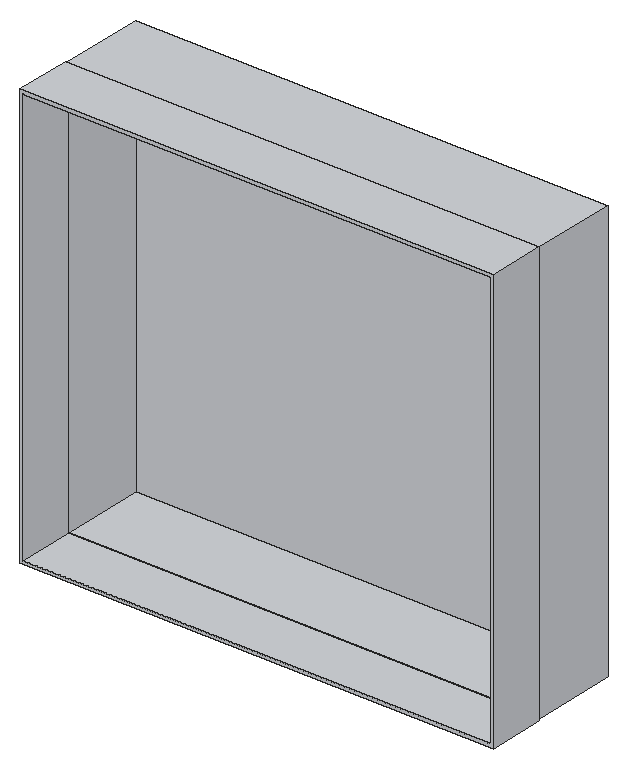
Revit family "Hager-Vega_D-IP30-vacío-NoHosted-ES-es", category Electrical Equipment, Revit 2020
Family settings
  Panel Configuration = Two Columns, Circuits Across
  Round Connector Dimension = Use Diameter
  Part Type = Panelboard
  Work Plane-Based = Yes
  Always vertical = Yes
  Cut with Voids When Loaded = No
  Shared = No
  Room Calculation Point = No
Parameters (values of type "Montado empotrado IP30 A600 A537 P182 24 unidad de división - FU22AN")
  Width Control [instance] = if([HG000006 - Empotrado], if([EF000846 - Anchura de instalación] > min_whd, [EF000846 - Anchura de instalación], min_whd), if([EF000008 - Anchura] > min_whd, ([EF000008 - Anchura]), min_whd))  # 600 mm
  Void Depth [instance] = if([EF000218 - Profundidad de instalación] > 1 mm, [EF000218 - Profundidad de instalación], 1 mm)  # 110 mm
  Type Comments = [HG000003 - Gama]  # "Vega D"
  System Height [instance] = Height Control - 2 * [HG000005 - Grosor]  # 531 mm
  Panel Name [instance] = ""  # (empty or 0)
  Offset [instance] = 0 mm
  Model = [HG000004 - Referencia del fabricante]  # "FU22AN"
  Level Offset [instance] = [Flush Mounted - Door Frame Width] + Offset  # 0 mm
  HG000017 - Distancia entre polos = 18 mm
  HG000016 - Visibilidad de la puerta 3D [instance] = yes
  HG000015 - Visibilidad a través de la puerta [instance] = no
  HG000014 - Puerta a la derecha [instance] = yes
  HG000013 - Puerta a la izquierda [instance] = not([HG000014 - Puerta a la derecha])  # no
  HG000012 - Ángulo de giro de la puerta [instance] = 45.00°
  HG000011 - Filas vacías desde abajo = no
  HG000010 - Puertas asimétricas = no
  HG000009 - Puerta batiente doble = no
  HG000008 - Número de filas vacías = 0
  HG000007 - Número de columnas vacías = 0
  HG000006 - Empotrado = yes
  HG000005 - Grosor = 3 mm  # constant formula
  HG000004 - Referencia del fabricante = "FU22AN"
  HG000003 - Gama = "Vega D"
  HG000002 - Con puerta o tapa = no
  HG000001 - Número de columnas = 0
  EF015941 - Puerta de transmisión de señal = no
  EF015777 - Borne neutro = no
  EF015776 - Borne de tierra = no
  EF009212 - Versión de la cubierta = "EV009916 - Con muesca"
  EF006306 - Con cierre = no
  EF006244 - Tapa/puerta transparente = no
  EF005474 - Grado de protección (IP) = "EV006410 - IP30"
  EF004462 - Tipo de cierre = ""
  EF002950 - Anchura de unidades de división = 24
  EF001596 - Material de la carcasa = "EV000154 - Otros"
  EF001134 - Carril DIN = yes
  EF001131 - Profundidad interna = 110 mm
  EF001088 - Posibilidad de extensión = yes
  EF001062 - Versión de EMC = no
  EF000846 - Anchura de instalación = 600 mm
  EF000339 - Tipo de cubierta = "EV000494 - Ninguno"
  EF000332 - Altura de la instalación = 537 mm
  EF000266 - Número de filas = 0
  EF000218 - Profundidad de instalación = 110 mm
  EF000118 - Con placa de montaje = no
  EF000116 - Número RAL = "9010"
  EF000049 - Profundidad = 182 mm
  EF000040 - Altura = 537 mm
  EF000008 - Anchura = 600 mm
  EF000007 - Color = "EV000202 - Blanco"
  EF000003 - Tipo de montaje = "EV000383 - Montado empotrado (escayola)"
  Description = ""
  Default Elevation = 1219.2 mm
  Arrow Offset [instance] = Depth Control / 8  # 13.75 mm
  Arrow Height [instance] = Depth Control - Arrow Offset  # 96.25 mm
  Host Offset [instance] = if([HG000006 - Empotrado], 0 mm, [EF000049 - Profundidad])  # 0 mm
  min_whd [instance] = (2 * [HG000005 - Grosor]) + 1 mm  # 7 mm
  Manufacturer = "Hager"  # constant formula
  Height Control [instance] = if([HG000006 - Empotrado], if([EF000332 - Altura de la instalación] > min_whd, [EF000332 - Altura de la instalación], min_whd), if([EF000040 - Altura] > min_whd, ([EF000040 - Altura]), min_whd))  # 537 mm
  Flush Mounted - Door Frame Width [instance] = if(([EF000040 - Altura] - [EF000332 - Altura de la instalación]) > 0 mm, if([HG000006 - Empotrado], [EF000040 - Altura] - [EF000332 - Altura de la instalación], 0 mm), 0 mm)  # 0 mm
  Depth Control [instance] = if([HG000006 - Empotrado], if([EF000218 - Profundidad de instalación] > 0 mm, [EF000218 - Profundidad de instalación], 1 mm), if([EF000049 - Profundidad] > 0 mm, ([EF000049 - Profundidad]), 1 mm))  # 110 mm
Reference planes
  plane 1 "Center (Front/Back)": y = 0
  plane 2: z = 0
  plane 3 "Center (Left/Right)": x = 0
  plane 4: y = 3
  plane 5: y = 110
  plane 6: y = 0
  plane 7: z = 0
  plane 8: x = -300
  plane 9: x = 300
  plane 10: x = 297
  plane 11: x = -297
  plane 12: z = 0
  plane 13: z = 3
  plane 14: y = 5
  plane 15: y = 0
  plane 16: y = 107
  plane 17: z = 534
  plane 18: z = 537
  plane 19: z = 268.5
  plane 20: x = 0
  plane 21: y = -100
Forms (mm)
  Extrusion 1, solid
    sketch origin (-208.679, -4572, 0) x (-1, 0, 0) y (0, -1, 0)
      loop
        line (91.321, -4572) -> (-508.679, -4572) -> (-508.679, -4682) -> (91.321, -4682) -> (91.321, -4572)
    from 0 to 537 <- "Height Control"
  Extrusion 2, void
    sketch origin (-350.771, 0, 1219.2) x (1, 0, 0) y (0, 0, 1)
      loop
        line (53.771, -685.2) -> (53.771, -1216.2) -> (647.771, -1216.2) -> (647.771, -685.2) -> (53.771, -685.2)
    from 0 to -107
  Extrusion 3, solid, detail levels coarse+medium
    sketch origin (-350.771, 0, 1219.2) x (-1, 0, 0) y (0, 0, 1)
      loop
        line (-53.771, -685.2) -> (-647.771, -685.2) -> (-647.771, -1216.2) -> (-53.771, -1216.2) -> (-53.771, -685.2)
    from 0 to 3 <- "HG000005 - Grosor"
Cuts and joins
  Extrusion 2 cuts Extrusion 1
Dimensions and locks
  "Flush Mounted - Door Frame Width": plane 1 "Center (Front/Back)" to plane 6
  "HG000005 - Grosor": plane 4 to plane 6
  "HG000005 - Grosor": plane 8 to plane 11
  "HG000005 - Grosor": plane 9 to plane 10
  equal spacing: plane 8, plane 3 "Center (Left/Right)", plane 9
  "Width Control": plane 8 to plane 9
  locked: plane 14 to plane 15 at 5
  "Host Offset": plane 1 "Center (Front/Back)" to plane 15
  "Depth Control": plane 5 to plane 15
  "HG000005 - Grosor": plane 5 to plane 16
  "HG000005 - Grosor": plane 13 to plane 12
  "Level Offset": plane 12 to level
  "HG000005 - Grosor": plane 18 to plane 17
  "Height Control": plane 18 to plane 12
  "Arrow Offset": plane 5 to nested 4
  equal spacing: plane 18, plane 19, plane 12
  locked: connector elem to plane 19
  locked: connector elem to plane 3 "Center (Left/Right)"
  aligned and locked: nested 1 to plane 14
  aligned and locked: plane 3 "Center (Left/Right)" to nested 1
  aligned and locked: plane 3 "Center (Left/Right)" to nested 2
  aligned and locked: nested 2 to plane 15
  aligned and locked: plane 5 to Extrusion 1
  aligned and locked: Extrusion 3 sketch curve to plane 17
  aligned and locked: Extrusion 3 sketch curve to plane 11
  aligned and locked: Extrusion 3 sketch curve to plane 13
  aligned and locked: Extrusion 3 sketch curve to plane 10
  aligned and locked: Extrusion 2 sketch curve to plane 13
  aligned and locked: Extrusion 2 sketch curve to plane 10
  aligned and locked: Extrusion 2 sketch curve to plane 17
  aligned and locked: Extrusion 2 sketch curve to plane 11
  aligned and locked: plane 16 to Extrusion 2
  aligned and locked: plane 5 to Extrusion 1 sketch curve
  aligned and locked: plane 9 to Extrusion 1 sketch curve
  aligned and locked: plane 8 to Extrusion 1 sketch curve
  aligned and locked: plane 8 to nested 4
  aligned and locked: plane 8 to nested 3
  aligned and locked: nested 3 to plane 5
  aligned and locked: Extrusion 1 sketch curve to plane 15
  aligned and locked: Extrusion 2 to plane 15
Nested families
  nested 1: "Hager_Enclosure_System" at (0, 5, 3), Flush_Mounted <- "HG000006 - Empotrado", Width <- "EF000008 - Anchura", Height <- "System Height", Width_Control <- "Width Control", Row_Module_Multiplicator <- "EF002950 - Anchura de unidades de división", Empty_Columns <- "HG000007 - Número de columnas vacías", Built-in_Width <- "EF000846 - Anchura de instalación", Border <- "HG000005 - Grosor", Total_No_Empty_Rows <- "HG000008 - Número de filas vacías", Depth <- "HG000005 - Grosor", Empty_Rows_From_Bottom <- "HG000011 - Filas vacías desde abajo", Distance_Between_Poles <- "HG000017 - Distancia entre polos", Rows_Count <- "EF000266 - Número de filas", Columns_Count <- "HG000001 - Número de columnas", type "Hager_Enclosure_System", detail levels medium+fine
    with Width_Control 600 mm, Width 600 mm, Total_No_Rows 0, Total_No_Empty_Rows 0, Total_No_Columns 1, System_Width 594 mm, Rows_Count 0, Rows_Column 0, Row_Module_Multiplicator 24, Panel_4 no, Panel_3 no, Panel_2 no, Panel_1 no, No_Panels_Ctrl 1, Hide_Columns yes, Height 531 mm, Flush_Mounted yes, Empty_Rows_From_Bottom no, Empty_Rows_Column 0, Empty_Columns 0, Distance_Between_Poles 18 mm, Depth 3 mm, Columns_Count 0, Column_Width 594 mm, Built-in_Width 600 mm, Border 3 mm
  nested 2: "Hager_Enclosure_Door" at (0, 0, 0), Double <- "HG000009 - Puerta batiente doble", Height_Ctrl <- "Height Control", Transparent <- "EF006244 - Tapa/puerta transparente", Depth <- "EF000049 - Profundidad", Height <- "EF000040 - Altura", Angle <- "HG000012 - Ángulo de giro de la puerta", Door_Right <- "HG000014 - Puerta a la derecha", Assymetrical <- "HG000010 - Puertas asimétricas", Flush_Mounted <- "HG000006 - Empotrado", BuiltIn_Depth <- "EF000218 - Profundidad de instalación", BuiltIn_Width <- "EF000846 - Anchura de instalación", Door <- "HG000002 - Con puerta o tapa", Width_Ctrl <- "Width Control", 3d_Door <- "HG000016 - Visibilidad de la puerta 3D", Width <- "EF000008 - Anchura", Border <- "HG000005 - Grosor", BuiltIn_Height <- "EF000332 - Altura de la instalación", Clearance <- "HG000015 - Visibilidad a través de la puerta", Door_Left <- "HG000013 - Puerta a la izquierda", type "Hager_Enclosure_Door", detail levels medium+fine
    with min_wh 7 mm, Width_Ctrl 600 mm, Width 600 mm, Transparent_Door_No_Bottom_Border no, Transparent no, Leaf_Width 591 mm, Leaf_Tolerance 1.5 mm, Leaf_Height 528 mm, Leaf_2_Width 591 mm, Leaf_2_Offset 295.5 mm, Leaf_1_Width 591 mm, Leaf_1_Offset 295.5 mm, Height_Ctrl 537 mm, Height 537 mm, Frame_Width_Ctrl 1 mm, Frame_Width 0 mm, Frame_Internal_Offset 3 mm, Frame_Height_Ctrl 1 mm, Frame_Height 0 mm, Frame_Depth_Ctrl 72 mm, Frame_Depth 72 mm, Flush_Mounted yes, Double_Clearance_Ctrl no, Double no, Door_Right_Ctrl no, Door_Right yes, Door_Left_Ctrl no, Door_Left no, Door no, Depth 182 mm, Clearance_Depth 591 mm, Clearance_Ctrl no, Clearance no, BuiltIn_Width 600 mm, BuiltIn_Height 537 mm, BuiltIn_Depth 110 mm, Border 3 mm, Assymetrical no, Angle 45.00°, 3d_Door yes
  nested 3: "Hager_Enclosure_Symbol_Triangle" at (-300, 110, 0), Depth <- "Depth Control", Width <- "Width Control", type "Hager_Enclosure_Symbol_Triangle"
    with Width_Ctrl 600 mm, Width 600 mm, Depth_Ctrl 110 mm, Depth 110 mm
  nested 4: "Hager_Enclosure_Symbol_Arrow" at (-300, 96.25, 0), Height <- "Arrow Height", type "Hager_Enclosure_Symbol_Arrow"
    with Width_Inside 7.219 mm, Width 86.625 mm, Height_Ctrl 96.25 mm, Height 96.25 mm
Connectors
  electrical at (0, 110, 268.5)
    settings: on plane 5, index 1, voltage 0 V, apparent load 0 VA, apparent load phase1 0 VA, apparent load phase2 0 VA, apparent load phase3 0 VA, power factor 1, load classification "Other", number of poles 1, system type 30, power factor state 1, is connector primary yes, connector utility no, sub classification motor no, connector description ""
Definition of nested family "Hager_Enclosure_Door"
  Parameters (values of type "Hager_Enclosure_Door")
    min_wh [instance] = (2 * Border) + 1 mm  # 11 mm
    Width_Ctrl [instance] = 400 mm
    Width [instance] = 500 mm
    Transparent_Door_No_Bottom_Border [instance] = no
    Transparent [instance] = yes
    Leaf_Width [instance] = if((Width_Ctrl - 2 * Border - 2 * Leaf_Tolerance) > 0 mm, (Width_Ctrl - 2 * Border - 2 * Leaf_Tolerance), min_wh)  # 387 mm
    Leaf_Tolerance [instance] = 1.5 mm  # constant formula
    Leaf_Height [instance] = if((Height_Ctrl - 2 * Border - 2 * Leaf_Tolerance) > 0 mm, (Height_Ctrl - 2 * Border - 2 * Leaf_Tolerance), min_wh)  # 387 mm
    Leaf_2_Width [instance] = if(and(and(Double, Assymetrical), Door_Left), (Leaf_Width / 3) - (Leaf_Tolerance / 2), if(and(and(Double, Assymetrical), Door_Right), (Leaf_Width / 3) * 2 - (Leaf_Tolerance / 2), if(and(Double, not(Assymetrical)), (Leaf_Width / 2) - Leaf_Tolerance, Leaf_Width)))  # 387 mm
    Leaf_2_Offset [instance] = if(and(Double, Assymetrical), Leaf_2_Width / 2, if(and(Double, not(Assymetrical)), Leaf_Width / 4, Leaf_Width / 2))  # 193.5 mm
    Leaf_1_Width [instance] = if(and(and(Double, Assymetrical), Door_Right), (Leaf_Width / 3) - (Leaf_Tolerance / 2), if(and(and(Double, Assymetrical), Door_Left), (Width / 3) * 2 - (Leaf_Tolerance / 2), if(and(Double, not(Assymetrical)), (Leaf_Width / 2) - Leaf_Tolerance, Leaf_Width)))  # 387 mm
    Leaf_1_Offset [instance] = if(and(Double, Assymetrical), Leaf_1_Width / 2, if(and(Double, not(Assymetrical)), Leaf_Width / 4, Leaf_Width / 2))  # 193.5 mm
    Height_Ctrl [instance] = 400 mm
    Height [instance] = 500 mm
    Frame_Width_Ctrl [instance] = if(Frame_Width > 0 mm, Frame_Width, 1 mm)  # 1 mm
    Frame_Width [instance] = Width - BuiltIn_Width  # 0 mm
    Frame_Internal_Offset [instance] = if(Flush_Mounted, Border, 0 mm)  # 5 mm
    Frame_Height_Ctrl [instance] = if(Frame_Height > 0 mm, Frame_Height, 1 mm)  # 1 mm
    Frame_Height [instance] = Height - BuiltIn_Height  # 0 mm
    Frame_Depth_Ctrl [instance] = if(Frame_Depth > 0 mm, Frame_Depth, 1 mm)  # 1 mm
    Frame_Depth [instance] = if(Depth - BuiltIn_Depth > 0 mm, if(Flush_Mounted, Depth - BuiltIn_Depth, 0 mm), 0 mm)  # 0 mm
    Flush_Mounted [instance] = yes
    Double_Clearance_Ctrl [instance] = and(Double, Clearance)  # no
    Double [instance] = no
    Door_Right_Ctrl [instance] = and(or(Door_Right, Double), Door)  # yes
    Door_Right [instance] = yes
    Door_Left_Ctrl [instance] = and(or(Door_Left, Double), Door)  # no
    Door_Left [instance] = no
    Door [instance] = yes
    Depth [instance] = 500 mm
    Default Elevation = 1219.2 mm
    Clearance_Material = none
    Clearance_Depth [instance] = if(Leaf_1_Width > Leaf_2_Width, Leaf_1_Width, Leaf_2_Width)  # 387 mm
    Clearance_Ctrl [instance] = and(not(Double), Clearance)  # yes
    Clearance [instance] = yes
    BuiltIn_Width [instance] = 500 mm
    BuiltIn_Height [instance] = 500 mm
    BuiltIn_Depth [instance] = 500 mm
    Border [instance] = 5 mm
    Assymetrical [instance] = yes
    Angle [instance] = 30.00°
    3d_Door [instance] = yes
  Reference planes
    plane 1 "Center (Front/Back)": y = 0
    plane 2 "Bottom": z = 0
    plane 3 "Center (Left/Right)": x = 0
    plane 4: z = 400
    plane 5: x = -200
    plane 6: x = 200
    plane 7: z = 395
    plane 8: x = -195
    plane 9: z = 5
    plane 10: x = 195
    plane 11: y = 0
    plane 12: z = 6.5
    plane 13: x = -582
    plane 14: y = -387
    plane 15: x = 582
    plane 16: x = 0
    plane 17: x = 0
    plane 18: x = -193.5
    plane 19: x = 193.5
    plane 20: z = 393.5
  Forms (mm)
    Extrusion 1, solid, visible <- "Flush_Mounted"
      sketch origin (0, 0, 0) x (1, 0, 0) y (0, 0, 1)
        loop
          line (195, 5) -> (195, 395) -> (-195, 395) -> (-195, 5) -> (195, 5)
        loop
          line (-201, 401) -> (-201, -1) -> (201, -1) -> (201, 401) -> (-201, 401)
      from 0 to 1 <- "Frame_Depth_Ctrl"
    Extrusion 2, solid, material <- "Clearance_Material", visible <- "Double_Clearance_Ctrl"
      sketch origin (1200, 0, 0) x (1, 0, 0) y (0, 0, -1)
        loop
          line (-1782, -393.5) -> (-618, -393.5) -> (-618, 0) -> (-1782, 0) -> (-1782, -393.5)
      from 0 to -387
  Dimensions and locks
    equal spacing: plane 5, plane 3 "Center (Left/Right)", plane 6
    "Width_Ctrl": plane 5 to plane 6
    "Border": plane 5 to plane 8
    "Border": plane 6 to plane 10
    "Border": plane 9 to level
    "Border": plane 4 to plane 7
    "Height_Ctrl": plane 4 to level
    "Leaf_Tolerance": plane 12 to plane 9
    "Frame_Depth": plane 11 to plane 1 "Center (Front/Back)"
    "Frame_Width_Ctrl": plane 5 to Extrusion 1 sketch curve
    "Frame_Width_Ctrl": plane 6 to Extrusion 1 sketch curve
    "Frame_Width_Ctrl": Extrusion 1 sketch curve to plane 4
    "Frame_Width_Ctrl": plane 2 "Bottom" to Extrusion 1 sketch curve
    "Leaf_1_Offset": plane 18 to plane 16
    "Leaf_2_Offset": plane 17 to plane 19
    "Leaf_1_Width": plane 13 to plane 8
    "Leaf_2_Width": plane 10 to plane 15
    "Clearance_Depth": plane 14 to plane 1 "Center (Front/Back)"
    "Leaf_Tolerance": plane 8 to plane 18
    "Leaf_Tolerance": plane 19 to plane 10
    "Leaf_Tolerance": plane 7 to plane 20
    "Frame_Internal_Offset": plane 5 to Extrusion 1 sketch curve
    "Frame_Internal_Offset": Extrusion 1 sketch curve to plane 2 "Bottom"
    "Frame_Internal_Offset": plane 6 to Extrusion 1 sketch curve
    "Frame_Internal_Offset": plane 4 to Extrusion 1 sketch curve
    aligned and locked: level to plane 2 "Bottom"
    aligned and locked: nested 1 to plane 16
    aligned and locked: nested 2 to plane 17
    aligned and locked: Extrusion 2 to plane 13
    aligned and locked: plane 15 to Extrusion 2
    aligned and locked: Extrusion 2 to plane 14
    aligned and locked: plane 12 to nested 1
    aligned and locked: nested 2 to plane 12
    aligned and locked: Extrusion 2 to plane 11
    aligned and locked: plane 20 to Extrusion 2
    aligned and locked: nested 2 to plane 11
    aligned and locked: nested 1 to plane 11
  Automatic sketch dimensions
    Extrusion 2 sketch curve to level = 0 mm
    plane 5 to Extrusion 2 sketch curve = 382 mm
    plane 6 to Extrusion 2 sketch curve = 382 mm
    Extrusion 2 sketch curve to plane 4 = 6.5 mm
  Nested families
    nested 1: "Hager_Enclosure_Door_Leaf" at (0, 0, 6.5), Width <- "Leaf_1_Width", visible <- "Door_Left_Ctrl", Leaf_Height <- "Leaf_Height", Angle <- "Angle", Depth <- "Border", 3d_Door <- "3d_Door", Transparent <- "Transparent", Clearance Material <- "Clearance_Material", Clearance <- "Clearance_Ctrl", Transparent_Door_No_Bottom_Border <- "Transparent_Door_No_Bottom_Border", type "Hager_Enclosure_Door_Leaf"
      with Width 387 mm, Transparent_Door_No_Bottom_Border no, Transparent_Door_Border_Bottom_Top 25 mm, Transparent_Door_Border 25 mm, Transparent_Ctrl yes, Transparent yes, Standard no, Leaf_Height 387 mm, Glass_Offset 1 mm, Depth 5 mm, Clearance Material none, Clearance yes, Angle_Ctrl 30.00°, Angle 30.00°, 3d_Door yes
    nested 2: "Hager_Enclosure_Door_Leaf" at (0, 0, 6.5) x (-1, 0, 0) z (0, 0, 1), Width <- "Leaf_2_Width", visible <- "Door_Right_Ctrl", Leaf_Height <- "Leaf_Height", Angle <- "Angle", Depth <- "Border", 3d_Door <- "3d_Door", Transparent <- "Transparent", Clearance Material <- "Clearance_Material", Clearance <- "Clearance_Ctrl", Transparent_Door_No_Bottom_Border <- "Transparent_Door_No_Bottom_Border", type "Hager_Enclosure_Door_Leaf"
      with Width 387 mm, Transparent_Door_No_Bottom_Border no, Transparent_Door_Border_Bottom_Top 25 mm, Transparent_Door_Border 25 mm, Transparent_Ctrl yes, Transparent yes, Standard no, Leaf_Height 387 mm, Glass_Offset 1 mm, Depth 5 mm, Clearance Material none, Clearance yes, Angle_Ctrl 30.00°, Angle 30.00°, 3d_Door yes
  Definition of nested family "Hager_Enclosure_Door_Leaf"
    Parameters (values of type "Hager_Enclosure_Door_Leaf")
      Width [instance] = 2000 mm
      Transparent_Door_No_Bottom_Border [instance] = yes
      Transparent_Door_Border_Bottom_Top [instance] = if(Transparent_Door_No_Bottom_Border, 0.1 mm, Transparent_Door_Border)  # 0.1 mm
      Transparent_Door_Border [instance] = if(Transparent_Door_No_Bottom_Border, (Width * 0.12), 25 mm)  # 240 mm
      Transparent_Ctrl [instance] = and(Transparent, [3d_Door])  # yes
      Transparent [instance] = yes
      Standard [instance] = and(not(Transparent), [3d_Door])  # no
      Leaf_Height [instance] = 2720.336 mm
      Glass_Offset [instance] = if((Depth - 10 mm) / 2 > 0 mm, (Depth - 10 mm) / 2, 1 mm)  # 15 mm
      Glass_Material = none
      Depth [instance] = 40 mm
      Default Elevation = 0 mm
      Clearance Material [instance] = none
      Clearance [instance] = yes
      Angle_Ctrl [instance] = if(Angle > 170.00°, 170.00°, Angle)  # 45.00°
      Angle [instance] = 45.00°
      3d_Door [instance] = yes
    Reference planes
      plane 1 "Center (Front/Back)": y = 0
      plane 2: z = 0
      plane 3 "Center (Left/Right)": x = 0
      plane 4: y = 2000
      plane 5: x = -1000
      plane 6: x = 1000
      plane 7: x = -3000
      plane 8: z = 2720.336
      plane 9: z = 0.1
      plane 10: z = 2720.236
      plane 11: x = 760
      plane 12: x = -760
    Forms (mm)
      Extrusion 1, solid, material <- "Clearance Material", visible <- "Clearance"
        sketch origin (0, 0, 0) x (1, 0, 0) y (0, 0, 1)
          loop
            line (-3000, 2720.336) -> (-3000, 0) -> (1000, 0) -> (1000, 2720.336) -> (-3000, 2720.336)
        from 0 to -2000
      Extrusion 2, solid, visible <- "Standard", detail levels medium+fine
        sketch origin (-1000, 0, 0) x (0.707107, 0.707107, 0) y (-0.707107, 0.707107, 0)
          loop
            line (0, -40) -> (2000, -40) -> (2000, 0) -> (0, 0) -> (0, -40)
        from 0 to 2720.336 <- "Leaf_Height"
      Extrusion 3, solid, visible <- "Transparent_Ctrl", detail levels medium+fine
        sketch origin (-1000, 0, 0) x (0.707107, 0.707107, 0) y (-0.707107, 0.707107, 0)
          loop
            line (0, -40) -> (2000, -40) -> (2000, 0) -> (0, 0) -> (0, -40)
        from 0 to 2720.336 <- "Leaf_Height"
      Extrusion 4, void, detail levels medium+fine
        sketch origin (-1000, 0, 0) x (-0.707107, 0.707107, 0) y (0.707107, 0.707107, 0)
          loop
            line (0, 240) -> (0, 1760) -> (-40, 1760) -> (-40, 240) -> (0, 240)
        from -2720.236 to -0.1
      Extrusion 5, solid, material <- "Glass_Material", visible <- "Transparent_Ctrl", detail levels medium+fine
        sketch origin (-1000, 0, 0) x (0.707107, 0.707107, 0) y (-0.707107, 0.707107, 0)
          loop
            line (240, -15) -> (240, -25) -> (1760, -25) -> (1760, -15) -> (240, -15)
        from 0.1 to 2720.236
    Cuts and joins
      Extrusion 4 cuts Extrusion 3
    Lines and regions (mm)
      symbolic lines
        curve 1: line (1000, 0, 0) -> (-3000, 0, 0)
        curve 2: arc (1000, 0, 0) -> (-1000, 2000, 0) -> (-3000, 0, 0) r 2000
        curve 4: line (-1000, 0, 0) -> (414.214, 1414.214, 0)
      reference lines
        curve 3: line (-1000, 0, 0) -> (414.214, 1414.214, 0)
      symbolic lines, detail levels medium+fine
        curve 5: line (414.214, 1414.214, 0) -> (442.498, 1385.929, 0)
        curve 6: line (442.498, 1385.929, 0) -> (-971.716, -28.284, 0)
        curve 7: line (-971.716, -28.284, 0) -> (-1000, 0, 0)
        curve 8: line (-1000, 0, 2720.336) -> (1000, 0, 2720.336)
        curve 9: line (-1000, 0, 0) -> (-1000, 0, 2720.336)
        curve 10: line (1000, 0, 0) -> (-1000, 0, 0)
        curve 11: line (1000, 0, 2720.336) -> (1000, 0, 0)
      symbolic lines, visible <- "Transparent_Ctrl", detail levels medium+fine
        curve 12: line (-760, 0, 2720.236) -> (760, 0, 2720.236)
        curve 13: line (-760, 0, 0.1) -> (-760, 0, 2720.236)
        curve 14: line (760, 0, 0.1) -> (-760, 0, 0.1)
        curve 15: line (760, 0, 2720.236) -> (760, 0, 0.1)
    Dimensions and locks
      "Width": plane 1 "Center (Front/Back)" to plane 4
      equal spacing: plane 5, plane 3 "Center (Left/Right)", plane 6
      "Width": plane 5 to plane 6
      "Width": plane 7 to plane 5
      "Leaf_Height": plane 8 to level
      "Depth": curve 6 to curve 3
      "Width": curve 5 to curve 3
      "Width": curve 3 to curve 3
      "Transparent_Door_Border": Extrusion 4 sketch curve to curve 7
      "Transparent_Door_Border": Extrusion 4 sketch curve to curve 5
      "Transparent_Door_Border_Bottom_Top": plane 8 to plane 10
      "Transparent_Door_Border_Bottom_Top": plane 9 to level
      "Glass_Offset": Extrusion 5 sketch curve to curve 4
      "Glass_Offset": Extrusion 5 sketch curve to curve 6
      "Transparent_Door_Border": Extrusion 5 sketch curve to curve 5
      "Transparent_Door_Border": Extrusion 5 sketch curve to curve 7
      "Transparent_Door_Border": plane 12 to plane 5
      "Transparent_Door_Border": plane 6 to plane 11
      "Angle_Ctrl": angle plane 1 "Center (Front/Back)" to curve 3
      aligned and locked: level to plane 2
      aligned and locked: Extrusion 1 to curve 1
      aligned and locked: plane 6 to Extrusion 1
      aligned and locked: Extrusion 1 to plane 1 "Center (Front/Back)"
      aligned and locked: plane 4 to Extrusion 1
      aligned and locked: plane 8 to Extrusion 1
      aligned and locked: curve 4 to curve 3
      aligned and locked: Extrusion 2 sketch curve to curve 7
      aligned and locked: Extrusion 2 sketch curve to curve 6
      aligned and locked: Extrusion 2 sketch curve to curve 5
      aligned and locked: Extrusion 2 sketch curve to curve 3
      aligned and locked: curve 7 to Extrusion 3 sketch curve
      aligned and locked: Extrusion 3 sketch curve to curve 4
      aligned and locked: Extrusion 3 sketch curve to curve 6
      aligned and locked: Extrusion 3 sketch curve to curve 5
      aligned and locked: curve 4 to Extrusion 4 sketch curve
      aligned and locked: curve 6 to Extrusion 4 sketch curve
      aligned and locked: Extrusion 4 to plane 9
      aligned and locked: Extrusion 4 to plane 10
      aligned and locked: Extrusion 5 to plane 9
      aligned and locked: Extrusion 5 to plane 10
      aligned and locked: curve 8 to plane 8
      aligned and locked: plane 5 to curve 9
      aligned and locked: plane 2 to curve 10
      aligned and locked: curve 11 to plane 6
      aligned and locked: plane 10 to curve 12
      aligned and locked: plane 12 to curve 13
      aligned and locked: curve 14 to plane 9
      aligned and locked: plane 11 to curve 15
    Automatic sketch dimensions
      plane 1 "Center (Front/Back)" to curve 2 = 0 mm
      curve 2 to plane 5 = 0 mm
      Extrusion 1 sketch curve to level = 0 mm
      Extrusion 1 sketch curve to plane 7 = 0 mm
      Extrusion 1 sketch curve to plane 6 = 0 mm
      Extrusion 1 sketch curve to plane 8 = 0 mm
      plane 1 "Center (Front/Back)" to curve 3 = 0 mm
      curve 3 to plane 5 = 0 mm
      curve 7 to curve 3 = 0 mm
Definition of nested family "Hager_Enclosure_Symbol_Triangle"
  Parameters (values of type "Hager_Enclosure_Symbol_Triangle")
    Width_Ctrl [instance] = if(Width > 1 mm, Width, 1 mm)  # 498 mm
    Width [instance] = 498 mm
    Depth_Ctrl [instance] = if(Depth > 1 mm, Depth, 1 mm)  # 72 mm
    Depth [instance] = 72 mm
  Reference planes
    plane 1 "Centre (avant/arrière)": y = 0
    plane 2: z = 0
    plane 3 "Centre (gauche/droite)": x = 0
  Lines and regions (mm)
    Filled region 1, type "Solid_Black", in view "Niveau de réf."
      outline origin (0, 0, 0) x (1, 0, 0) y (0, 1, 0)
        loop
          line (0, 0) -> (498, 0) -> (498, 72) -> (0, 0)
    reference lines, in view "Niveau de réf."
      curve 1: line (-206.153, 72, 0) -> (1083.258, 72, 0)
      curve 2: line (498, 405.456, 0) -> (498, -517.619, 0)
  Dimensions and locks
    "Depth_Ctrl": plane 1 "Centre (avant/arrière)" to curve 1
    "Width_Ctrl": plane 3 "Centre (gauche/droite)" to curve 2
    aligned and locked: curve 1 to Filled region 1 sketch curve
    aligned and locked: Filled region 1 sketch curve to plane 1 "Centre (avant/arrière)"
    aligned and locked: curve 2 to Filled region 1 sketch curve
    aligned and locked: plane 3 "Centre (gauche/droite)" to Filled region 1 sketch curve
    aligned and locked: plane 1 "Centre (avant/arrière)" to Filled region 1 sketch curve
  Automatic sketch dimensions
    curve 1 to plane 3 "Centre (gauche/droite)" = 206.153 mm
    curve 2 to curve 1 = 585.258 mm
    plane 1 "Centre (avant/arrière)" to curve 2 = 517.619 mm
    curve 2 to plane 1 "Centre (avant/arrière)" = 405.456 mm
Definition of nested family "Hager_Enclosure_Symbol_Arrow"
  Parameters (values of type "Hager_Enclosure_Symbol_Arrow")
    Width_Inside [instance] = if(Width / 12 > 2 mm, Width / 12, 2 mm)  # 4.987 mm
    Width [instance] = if(Height_Ctrl * 0.9 > 2 mm, Height_Ctrl * 0.9, 2 mm)  # 59.85 mm
    Height_Ctrl [instance] = if(Height > 2 mm, Height, 2 mm)  # 66.5 mm
    Height [instance] = 66.5 mm
  Reference planes
    plane 1 "Centre (avant/arrière)": y = 0
    plane 2: z = 0
    plane 3 "Centre (gauche/droite)": x = 0
    plane 4: x = 59.85
    plane 5: y = 28.263
    plane 6: y = 38.238
    plane 7: y = 66.5
    plane 8: x = 29.925
    plane 9: y = 33.25
  Lines and regions (mm)
    Filled region 1, type "Solid_Black", in view "Niveau de réf."
      outline origin (0, 0, 0) x (1, 0, 0) y (0, 1, 0)
        loop
          line (59.85, 66.5) -> (37.929, 52.827) -> (51.846, 41.935) -> (59.85, 66.5)
    detail lines, in view "Niveau de réf."
      curve 1: line (0, 0, 0) -> (29.925, 38.238, 0)
      curve 2: line (29.925, 38.238, 0) -> (29.925, 28.263, 0)
      curve 3: line (29.925, 28.263, 0) -> (59.85, 66.5, 0)
  Dimensions and locks
    "Width": plane 3 "Centre (gauche/droite)" to plane 4
    "Height_Ctrl": plane 7 to plane 1 "Centre (avant/arrière)"
    equal spacing: plane 3 "Centre (gauche/droite)", plane 8, plane 4
    equal spacing: plane 7, plane 9, plane 1 "Centre (avant/arrière)"
    equal spacing: plane 6, plane 9, plane 5
    "Width_Inside": plane 6 to plane 9
    equal spacing: curve 3, Filled region 1 sketch curve, Filled region 1 sketch curve
    angle Filled region 1 sketch curve to curve 3 = 20.00°
    angle curve 3 to Filled region 1 sketch curve = 20.00°
    locked: curve 3 to Filled region 1 sketch curve (angle 90.00°)
  Automatic sketch dimensions
    plane 1 "Centre (avant/arrière)" to curve 1 = 0 mm
    curve 1 to plane 3 "Centre (gauche/droite)" = 0 mm
    curve 2 to plane 6 = 0 mm
    curve 3 to plane 8 = 0 mm
    curve 3 to plane 4 = 0 mm
    curve 2 to plane 5 = 0 mm
    curve 3 to plane 7 = 0 mm
    Filled region 1 sketch curve to plane 4 = 0 mm
    Filled region 1 sketch curve to plane 7 = 0 mm
